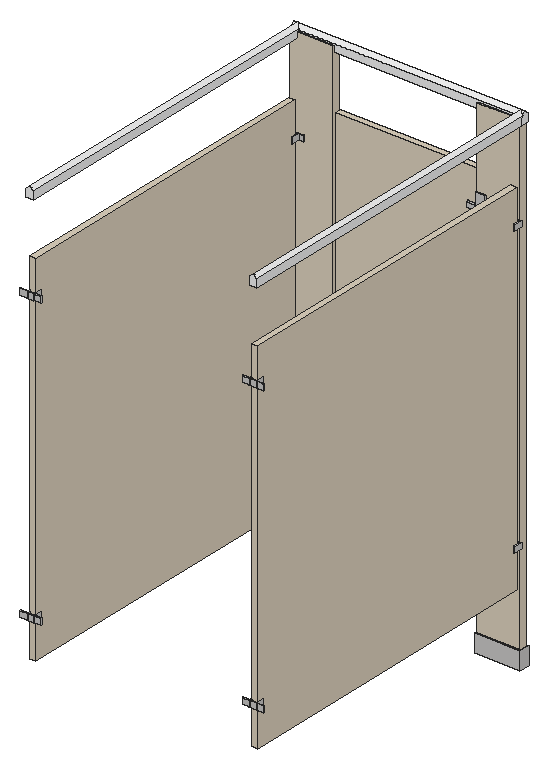
Revit family
Parameters (values of type "As Specified in 10 21 00")
  topoffset = 0' - 0 1/4"
  strkhdwr [instance] = not(or((End Panel_Strike Side), (Terminates at Wall_Strike Side)))  # no
  hngpnlconstrain [instance] = if((Terminates at Wall_Hinge Side), (Front Panel Width_Hinge Side - Reveal Clearance), (if((End Panel_Hinge Side), (Front Panel Width_Hinge Side + Panel Thickness + 0' 0 1/8"), (Front Panel Width_Hinge Side))))  # 0' - 7 1/8"
  hngpnl2 [instance] = if((Terminates at Wall_Strike Side), (Panel Thickness - Reveal Clearance - 0' 0 1/8"), (if((End Panel_Strike Side), (Panel Thickness + 0' 0 1/8"), (Panel Thickness))))  # 0' - 1 1/8"
  capoffset = 0' - 0 1/4"
  Warranty Duration (Years) = 0
  URL = "http://www.am-sanitary-partition.com/\r\n"
  Type Comments = "Toilet Partition"
  Terminates at Wall_Strike Side [instance] = no
  Terminates at Wall_Hinge Side [instance] = no
  Stile Thickness = 0' - 1 1/4"
  Stall Width = 3' - 0"
  Stall Depth [instance] = 4' - 8"
  Return Rail - Strike Side [instance] = yes
  Return Rail - Hinge Side [instance] = yes
  Pilaster Height = 6' - 10"
  Panel Thickness = 0' - 1"
  Outswing [instance] = not(Inswing)  # no
  Inswing [instance] = yes
  Headrail Material = Aluminum - Extruded - Satin Anodized Finish
  Green Building-LEED = "http://www.arcat.com/green/clients/leed_data_30440.html\r\n"
  End Panel_Strike Side [instance] = not(Terminates at Wall_Strike Side)  # yes
  Front Panel Width_Strike Side = 0' - 6"
  Specification = "http://www.arcat.com/specwizard/clients/amerisan.html?coid=30440\r\n"
  SpecWizard = "http://www.arcat.com/specwizard/10150asp/index.htm?mf=&coid=30440\r\n"
  Send Message = "http://admin.arcat.com/users.pl?action=UserEmail&company=American%20Sanitary%20Partition%20Corp.&coid=30440&rep=145&fax=407-656-8189&mf=\r\n"
  Sales Information = "http://www.am-sanitary-partition.com/\r\n"
  Revision = "R1_10/2009"
  Reveal Clearance = 0' - 0 1/2"
  Product Properties = "http://www.arcat.com/bim/bim_info.pl?fn=Toilet-Partition_AmericanSanitary_Full-Flush"
  Product Data = "http://www.arcat.com/arcatcos/cos30/arc30440.html\r\n"
  Panel Material [instance] = Phenolic Core - Color as Specified
  Model = "As Specified in 10 21 00"
  Manufacturer's Notes = ""
  Manufacturer Website = "http://www.am-sanitary-partition.com/\r\n"
  Manufacturer Phone = "407-656-0611\r\n"
  Manufacturer Fax = "407-656-8189\r\n"
  Manufacturer Address = "300 Enterprise St.; P. O. Box 99; Ocoee; FL 34761\r\n"
  Manufacturer = "American Sanitary Partition Corp.\r\n"
  Maintenance Schedule (Months) = 0
  Keynote = "10 21 00"
  Installation-Fabrication = "http://www.arcat.com/clients/amersan.pdf"
  Installation Phase = ""
  End Panel_Hinge Side [instance] = yes
  Front Panel Width_Hinge Side = Stall Width - Door Width - Front Panel Width_Strike Side  # 0' - 6"
  Hardware Finish [instance] = Stainless Steel - Type 304 #4 Brushed Finish
  Expected Lifespan (Years) = 0
  Drawn By = "Robert S. Weygant, CSI, CDT, SCIP"  # constant formula
  Door Width = 2' - 0"
  Door Thickness = 0' - 1"
  Door Height = 5' - 0"
  Distance from Floor to Panel = 1' - 0"
  Copyright = "2009, ARCAT, Inc."  # constant formula
  Description = "As Specified in 10 21 00"
  Construction Details = "http://www.arcat.com/details/amerisan/amerisan.html?coid=30440\r\n"
  Brackets_Vertical = 2
  Assembly Code = "C1010400"
Reference planes (in)
  plane 1: y = 26.56271
  plane 2 "Center (Left/Right)": x = 26.6528
  plane 3 "Left": x = 44.6528
  plane 4: x = 8.6528
  plane 5: y = 83.81271
  plane 6 "Back": y = 29.06271
  plane 7 "Right": x = 7.6528
  plane 8 "Front": y = 85.06271
  plane 9 "Bottom of panel": z = 12
  plane 10 "Top of panel": z = 72
  plane 11: x = 14.6528
  plane 12: x = 38.6528
  plane 13 "Top": z = 82
  plane 14 "Bottom Bracket": z = 18
  plane 15 "Top Bracket": z = 66
  plane 16 "Top Hinge": z = 68.75
  plane 17: y = 83.31271
  plane 18: y = 29.56271
  plane 19: z = 0
  plane 20: x = 7.5278
Forms (in)
  Extrusion 1, solid, material "Phenolic Core - Color as Specified" <- "Panel Material"
    sketch origin (0, 0, 0) x (1, 0, 0) y (0, 1, 0)
      loop
        line (7.5278, 85.06271) -> (7.5278, 83.81271) -> (14.6528, 83.81271) -> (14.6528, 85.06271) -> (7.5278, 85.06271)
    from 0 to 82
  Extrusion 2, solid, material "Stainless Steel - Type 304 #4 Brushed Finish" <- "Hardware Finish", detail levels medium+fine
    sketch origin (0, 85.06271, 0) x (-1, 0, 0) y (0, 0, 1)
      loop
        line (-13.1528, 39.97704) -> (-13.1528, 42.02296) -> (-15.6528, 42.02296) -> (-15.6528, 39.97704) -> (-13.1528, 39.97704)
    from 0 to 0.25
  Extrusion 3, solid, material "Phenolic Core - Color as Specified" <- "Panel Material"
    sketch origin (0, 0, 0) x (1, 0, 0) y (0, 1, 0)
      loop
        line (38.6528, 85.06271) -> (38.6528, 83.81271) -> (45.7778, 83.81271) -> (45.7778, 85.06271) -> (38.6528, 85.06271)
    from 0 to 82
  Extrusion 4, solid, material "Phenolic Core - Color as Specified" <- "Panel Material", visible <- "End Panel_Hinge Side"
    sketch origin (0, 0, 0) x (1, 0, 0) y (0, 1, 0)
      loop
        line (44.6528, 29.56271) -> (45.6528, 29.56271) -> (45.6528, 83.31271) -> (44.6528, 83.31271) -> (44.6528, 29.56271)
    from 12 to 72
  Extrusion 5, solid, material "Phenolic Core - Color as Specified" <- "Panel Material", visible <- "End Panel_Strike Side"
    sketch origin (0, 0, 0) x (1, 0, 0) y (0, 1, 0)
      loop
        line (7.6528, 29.56271) -> (8.6528, 29.56271) -> (8.6528, 83.31271) -> (7.6528, 83.31271) -> (7.6528, 29.56271)
    from 12 to 72
  Extrusion 6, solid, material "Stainless Steel - Type 304 #4 Brushed Finish" <- "Hardware Finish", detail levels fine
    sketch origin (0, 85.06271, 0) x (-1, 0, 0) y (0, 0, 1)
      loop
        line (-38.6528, 68.75) -> (-40.1528, 68.75) -> (-40.1528, 66) -> (-38.6528, 66) -> (-37.1528, 66) -> (-37.1528, 66.75) -> (-38.6528, 66.75) -> (-38.6528, 68.75)
    from -1.49944 to 0.25
  Extrusion 7, solid, material "Stainless Steel - Type 304 #4 Brushed Finish" <- "Hardware Finish", detail levels fine
    sketch origin (0, 85.06271, -52) x (-1, 0, 0) y (0, 0, 1)
      loop
        line (-38.6528, 66.75) -> (-40.1528, 66.75) -> (-40.1528, 64) -> (-37.1528, 64) -> (-37.1528, 64.75) -> (-38.6528, 64.75) -> (-38.6528, 66.75)
    from -1.49944 to 0.25
  Extrusion 8, solid, material "Phenolic Core - Color as Specified" <- "Panel Material"
    sketch origin (0, 85.06271, 0) x (-1, 0, 0) y (0, 0, 1)
      loop
        line (-36.9028, 12) -> (-14.9028, 12) -> (-14.9028, 72) -> (-38.4028, 72) -> (-38.4028, 66.75) -> (-36.9028, 66.75) -> (-36.9028, 65.9223) -> (-38.4028, 65.9223) -> (-38.4028, 12.75) -> (-36.9028, 12.75) -> (-36.9028, 12)
    from -1 to 0
  Extrusion 9, solid, material "Stainless Steel - Type 304 #4 Brushed Finish" <- "Hardware Finish", detail levels fine
    sketch origin (0, 85.06271, 78) x (-1, 0, 0) y (0, 0, 1)
      loop
        line (-14.9028, -78) -> (-7.2778, -78) -> (-7.2778, -75) -> (-14.9028, -75) -> (-14.9028, -78)
    from -1.49768 to 0.24505
  Extrusion 10, solid, material "Stainless Steel - Type 304 #4 Brushed Finish" <- "Hardware Finish", detail levels fine
    sketch origin (0, 85.06271, 79) x (-1, 0, 0) y (0, 0, 1)
      loop
        line (-46.0278, -79) -> (-38.4028, -79) -> (-38.4028, -76) -> (-46.0278, -76) -> (-46.0278, -79)
    from -1.49944 to 0.25923
  Extrusion 11, solid, material "Aluminum - Extruded - Satin Anodized Finish" <- "Headrail Material", detail levels fine
    sketch origin (26.6528, 0, 0) x (0, -1, 0) y (0, 0, 1)
      loop
        line (-85.31271, 81) -> (-84.06271, 81) -> (-84.06271, 82.25) -> (-84.68771, 82.875) -> (-85.31271, 82.25) -> (-85.31271, 81)
    from -19.23129 to 19.22536
  Extrusion 12, solid, material "Aluminum - Extruded - Satin Anodized Finish" <- "Headrail Material", visible <- "Return Rail - Strike Side", detail levels fine
    sketch origin (0, 85.06271, 0) x (-1, 0, 0) y (0, 0, 1)
      loop
        line (-8.67744, 81) -> (-7.42744, 81) -> (-7.42744, 82.25) -> (-8.05244, 82.875) -> (-8.67744, 82.25) -> (-8.67744, 81)
    from -56 to -0.3724
  Extrusion 13, solid, material "Aluminum - Extruded - Satin Anodized Finish" <- "Headrail Material", visible <- "Return Rail - Hinge Side", detail levels fine
    sketch origin (53.3056, 85.06271, 0) x (1, 0, 0) y (0, 0, -1)
      loop
        line (-8.67151, -81) -> (-8.67151, -82.25) -> (-8.04651, -82.875) -> (-7.42151, -82.25) -> (-7.42151, -81) -> (-8.67151, -81)
    from -56 to -0.3724
Lines and regions (in)
  symbolic lines
    curve 1: line (38.6528, 0, 72) -> (14.6528, 0, 42)
    curve 2: line (14.6528, 0, 42) -> (38.6528, 0, 12)
    curve 3: line (8.6528, 29.06271, 0) -> (7.6528, 29.06271, 0)
  symbolic lines, visible <- "Inswing"
    curve 4: line (38.6528, 83.81271, 0) -> (38.6528, 59.81271, 0)
    curve 5: line (38.6528, 59.81271, 0) -> (37.6528, 59.81271, 0)
    curve 6: line (37.6528, 59.81271, 0) -> (37.6528, 83.81271, 0)
    curve 7: line (37.6528, 83.81271, 0) -> (38.6528, 83.81271, 0)
  symbolic lines, style "Toilet Accessories-Dashed", visible <- "Inswing"
    curve 8: arc (14.6528, 83.81271, 0) -> (21.68224, 66.84214, 0) -> (38.6528, 59.81271, 0) r 24
  symbolic lines, visible <- "Outswing"
    curve 9: line (38.6528, 85.06271, 0) -> (38.6528, 109.06271, 0)
    curve 10: line (38.6528, 109.06271, 0) -> (37.6528, 109.06271, 0)
    curve 11: line (37.6528, 109.06271, 0) -> (37.6528, 85.06271, 0)
    curve 12: line (37.6528, 85.06271, 0) -> (38.6528, 85.06271, 0)
  symbolic lines, style "Toilet Accessories-Dashed", visible <- "Outswing"
    curve 13: arc (14.6528, 85.06271, 0) -> (21.68224, 102.03327, 0) -> (38.6528, 109.06271, 0) r 24
Text (in)
  text "Placement Side" at (0, 40.15149, 123.01588), in view "Right"
  text "Placement Side" at (-71.13158, 43.3951, 0), in view "Floor Line"
  text "Placement Side" at (0, 65.23256, 117.93067), in view "Left"
Dimensions and locks (in)
  "Stall Width": plane 4 to plane 3 "Left"
  "Door Height": plane 9 "Bottom of panel" to plane 10 "Top of panel"
  "Distance from Floor to Panel": host wall to plane 9 "Bottom of panel"
  equal spacing: plane 9 "Bottom of panel", curve 2, plane 10 "Top of panel"
  "Pilaster Height": level to plane 13 "Top"
  "Panel Thickness": plane 7 "Right" to plane 4
  "Panel Thickness": plane 3 "Left" to Extrusion 4 sketch curve
  locked: Extrusion 6 sketch curve to plane 12 at 1.5  (x2)
  locked: plane 9 "Bottom of panel" to Extrusion 7 sketch curve at 2.75
  locked: Extrusion 7 sketch curve to plane 12 at 1.5
  locked: plane 12 to Extrusion 7 sketch curve at 1.5
  locked: plane 12 to Extrusion 8 sketch curve at 0.25
  locked: plane 11 to Extrusion 8 sketch curve at 0.25
  locked: Extrusion 2 sketch curve to plane 11 at 1.5
  "Front Panel Width_Hinge Side": plane 12 to plane 3 "Left"
  "Door Width": plane 11 to plane 12
  locked: Extrusion 9 sketch curve to plane 11 at 0.25
  locked: Extrusion 10 sketch curve to plane 12 at 0.25
  equal spacing: plane 4, plane 2 "Center (Left/Right)", plane 3 "Left"
  locked: Extrusion 9 to plane 8 "Front" at 0.24505
  locked: Extrusion 9 to plane 5 at 0.24768
  "Door Thickness": curve 6 to plane 12
  group 1 to group 2 = 0' - 0"  (x2)
  group 1 to group 2 = 4' - 0"
  locked: plane 15 "Top Bracket" to plane 16 "Top Hinge" at 2.75
  locked: plane 15 "Top Bracket" to plane 10 "Top of panel" at 6
  locked: plane 9 "Bottom of panel" to plane 14 "Bottom Bracket" at 6
  "Reveal Clearance": plane 17 to plane 5
  "Reveal Clearance": plane 18 to plane 6 "Back"
  group 4 to group 3 = 0' - 0"
  group 3 to group 4 = 0' - 0"
  group 3 to group 4 = 4' - 0"
  Extrusion 10 to Extrusion 3 = 0' - 0.25923"
  Extrusion 10 to Extrusion 3 = 0' - 0.24944"
  locked: Extrusion 10 to Extrusion 3 at 0.25
  "Stile Thickness": plane 8 "Front" to plane 5
  "capoffset": Extrusion 3 to Extrusion 10
  "hngpnlconstrain": Extrusion 3 sketch curve to Extrusion 3 sketch curve
  "capoffset": Extrusion 9 to Extrusion 1
  group 5 to group 6 = 0' - 0"  (x2)
  group 5 to group 6 = 4' - 0"
  group 7 to group 8 = 0' - 0"
  group 8 to group 7 = 0' - 0"
  group 7 to group 8 = 4' - 0"
  group 9 to group 10 = 0' - 0"
  group 10 to group 9 = 0' - 0"
  group 9 to group 10 = 4' - 0"
  Extrusion 10 sketch curve to Extrusion 4 = 0' - 0 3/8"
  "hngpnl2": plane 20 to plane 4
  group 11 to group 12 = 0' - 0"
  group 12 to group 11 = 0' - 0"
  group 11 to group 12 = 4' - 0"
  "Stall Depth": plane 8 "Front" to plane 6 "Back"
  group 13 to group 14 = 0' - 0"  (x2)
  group 13 to group 14 = 4' - 0"
  locked: Extrusion 10 sketch curve to Extrusion 10 sketch curve at 3
  locked: Extrusion 9 sketch curve to Extrusion 9 sketch curve at 3
  Extrusion 11 sketch curve to plane 8 "Front" = 0' - 0 1/4"
  locked: plane 20 to Extrusion 11 at 0.10036
  locked: Extrusion 11 to Extrusion 3 at 0.10629
  "Door Thickness": Extrusion 8 to Extrusion 8
  locked: plane 20 to Extrusion 12 sketch curve at 0.10036
  locked: Extrusion 12 sketch curve to Extrusion 12 sketch curve at 1.25
  locked: Extrusion 13 sketch curve to Extrusion 13 sketch curve at 1.25
  locked: Extrusion 11 sketch curve to Extrusion 11 sketch curve at 1.25
  locked: plane 8 "Front" to Extrusion 12 at 0.3724
  locked: plane 8 "Front" to Extrusion 13 at 0.3724
  "Door Thickness": curve 11 to curve 9
  equal spacing: Extrusion 13 sketch curve, Extrusion 13 sketch curve, Extrusion 13 sketch curve
  "Stile Thickness": Extrusion 3 sketch curve to Extrusion 3 sketch curve
  "Stall Depth": plane 6 "Back" to Extrusion 3 sketch curve
  aligned and locked: Extrusion 1 sketch curve to plane 8 "Front"
  aligned and locked: Extrusion 1 sketch curve to plane 5
  aligned and locked: Extrusion 1 sketch curve to plane 11
  aligned and locked: plane 13 "Top" to Extrusion 1
  aligned and locked: Extrusion 2 to plane 8 "Front"
  aligned and locked: plane 12 to Extrusion 3 sketch curve
  aligned and locked: plane 3 "Left" to Extrusion 4 sketch curve
  aligned and locked: plane 9 "Bottom of panel" to Extrusion 4
  aligned and locked: Extrusion 1 to Extrusion 3
  aligned and locked: Extrusion 5 to plane 10 "Top of panel"
  aligned and locked: plane 9 "Bottom of panel" to Extrusion 5
  aligned and locked: plane 16 "Top Hinge" to Extrusion 6 sketch curve
  aligned and locked: plane 15 "Top Bracket" to Extrusion 6 sketch curve
  aligned and locked: Extrusion 6 sketch curve to plane 12
  aligned and locked: plane 9 "Bottom of panel" to Extrusion 7 sketch curve
  aligned and locked: Extrusion 7 sketch curve to plane 12
  aligned and locked: Extrusion 7 to Extrusion 8 sketch curve
  aligned and locked: plane 10 "Top of panel" to Extrusion 8 sketch curve
  aligned and locked: curve 4 to plane 12
  aligned and locked: plane 8 "Front" to Extrusion 8
  aligned and locked: plane 7 "Right" to nested 1
  aligned and locked: nested 1 to plane 5  (x4)
  aligned and locked: plane 14 "Bottom Bracket" to nested 1
  aligned and locked: plane 15 "Top Bracket" to nested 2
  aligned and locked: plane 7 "Right" to nested 2
  aligned and locked: plane 5 to nested 1
  aligned and locked: plane 17 to Extrusion 5 sketch curve
  aligned and locked: Extrusion 5 sketch curve to plane 18
  aligned and locked: plane 18 to Extrusion 4 sketch curve
  aligned and locked: plane 17 to Extrusion 4 sketch curve
  aligned and locked: nested 3 to plane 5  (x2)
  aligned and locked: nested 3 to plane 3 "Left"
  aligned and locked: nested 3 to plane 14 "Bottom Bracket"
  aligned and locked: nested 4 to plane 15 "Top Bracket"
  aligned and locked: plane 5 to nested 3
  aligned and locked: plane 3 "Left" to nested 3
  aligned and locked: Extrusion 4 to plane 10 "Top of panel"
  aligned and locked: nested 5 to plane 4  (x3)
  aligned and locked: plane 6 "Back" to nested 5
  aligned and locked: nested 6 to plane 3 "Left"
  aligned and locked: nested 6 to plane 6 "Back"  (x3)
  aligned and locked: nested 6 to plane 14 "Bottom Bracket"
  aligned and locked: plane 14 "Bottom Bracket" to nested 5
  aligned and locked: plane 6 "Back" to nested 6  (x2)
  aligned and locked: nested 7 to plane 15 "Top Bracket"
  aligned and locked: nested 7 to plane 3 "Left"
  aligned and locked: nested 5 to plane 6 "Back"  (x4)
  aligned and locked: nested 8 to plane 3 "Left"
  aligned and locked: nested 8 to plane 8 "Front"  (x3)
  aligned and locked: plane 14 "Bottom Bracket" to nested 8
  aligned and locked: plane 15 "Top Bracket" to nested 9
  aligned and locked: nested 9 to plane 3 "Left"
  aligned and locked: plane 3 "Left" to nested 8
  aligned and locked: plane 7 "Right" to nested 5  (x2)
  aligned and locked: nested 7 to plane 6 "Back"
  aligned and locked: plane 6 "Back" to nested 7
  aligned and locked: plane 15 "Top Bracket" to nested 10
  aligned and locked: nested 10 to plane 4
  aligned and locked: plane 19 to level
  aligned and locked: Extrusion 1 to plane 20
  aligned and locked: plane 8 "Front" to nested 11  (x2)
  aligned and locked: nested 11 to plane 7 "Right"
  aligned and locked: nested 11 to plane 14 "Bottom Bracket"
  aligned and locked: nested 12 to plane 15 "Top Bracket"
  aligned and locked: nested 12 to plane 7 "Right"
  aligned and locked: nested 11 to plane 8 "Front"
  aligned and locked: plane 6 "Back" to host wall
  aligned and locked: plane 5 to nested 13
  aligned and locked: nested 13 to plane 5  (x2)
  aligned and locked: plane 14 "Bottom Bracket" to nested 13  (x2)
  aligned and locked: nested 13 to plane 14 "Bottom Bracket"
  aligned and locked: plane 7 "Right" to nested 13
  aligned and locked: plane 15 "Top Bracket" to nested 14  (x2)
  aligned and locked: nested 14 to plane 15 "Top Bracket"
  aligned and locked: plane 7 "Right" to nested 14
  aligned and locked: plane 5 to nested 14
  aligned and locked: plane 19 to Extrusion 1
  aligned and locked: plane 19 to Extrusion 3
  aligned and locked: plane 19 to Extrusion 10 sketch curve
  aligned and locked: plane 19 to Extrusion 9 sketch curve
  aligned and locked: Extrusion 12 to plane 6 "Back"
  aligned and locked: Extrusion 11 to Extrusion 13 sketch curve  (x2)
  aligned and locked: Extrusion 13 to plane 6 "Back"
  aligned and locked: nested 4 to plane 5
  aligned and locked: nested 9 to plane 5
  aligned and locked: plane 5 to nested 2
  aligned and locked: plane 5 to nested 12
  aligned and locked: nested 4 to plane 3 "Left"
  aligned and locked: curve 12 to plane 8 "Front"
  aligned and locked: plane 6 "Back" to nested 10
  aligned and locked: Extrusion 6 to Extrusion 10
Automatic sketch dimensions
  curve 3 to host wall = 0' - 0"
  curve 3 to plane 7 "Right" = 0' - 0"
  curve 3 to plane 4 = 0' - 0"
  plane 11 to Extrusion 2 sketch curve = 0' - 1"
  plane 14 "Bottom Bracket" to Extrusion 2 sketch curve = 1' - 9.97704"
  Extrusion 2 sketch curve to Extrusion 2 sketch curve = 0' - 2.04593"
  Extrusion 5 sketch curve to plane 7 "Right" = 0' - 0"
  Extrusion 5 sketch curve to plane 4 = 0' - 0"
  curve 1 to plane 10 "Top of panel" = 0' - 0"
  curve 2 to plane 9 "Bottom of panel" = 0' - 0"
  curve 1 to plane 11 = 0' - 0"
  curve 2 to plane 12 = 0' - 0"
  curve 1 to plane 12 = 0' - 0"
  Extrusion 1 sketch curve to plane 20 = 0' - 0"
  Extrusion 6 sketch curve to plane 12 = 0' - 0"
  plane 15 "Top Bracket" to Extrusion 6 sketch curve = 0' - 0 3/4"
  Extrusion 7 sketch curve to plane 9 "Bottom of panel" = 0' - 0 3/4"
  Extrusion 8 sketch curve to plane 12 = 0' - 0 1/4"
  Extrusion 8 sketch curve to plane 9 "Bottom of panel" = 0' - 0 3/4"
  Extrusion 8 sketch curve to Extrusion 8 sketch curve = 0' - 1 1/2"  (x2)
  Extrusion 8 sketch curve to plane 15 "Top Bracket" = 0' - 0.0777"
  plane 15 "Top Bracket" to Extrusion 8 sketch curve = 0' - 0 3/4"
  curve 8 to plane 5 = 0' - 0"
  curve 8 to plane 11 = 0' - 0"
  curve 6 to plane 5 = 0' - 0"
  Extrusion 9 sketch curve to plane 20 = 0' - 0 1/4"
  plane 20 to Extrusion 12 sketch curve = 0' - 0.52464"
  plane 13 "Top" to Extrusion 12 sketch curve = 0' - 0 1/4"  (x2)
  Extrusion 12 sketch curve to plane 13 "Top" = 0' - 1"
  Extrusion 13 sketch curve to plane 13 "Top" = 0' - 0 1/4"  (x2)
  Extrusion 11 sketch curve to plane 8 "Front" = 0' - 0 3/8"
  Extrusion 11 sketch curve to plane 13 "Top" = 0' - 1"
  plane 13 "Top" to Extrusion 11 sketch curve = 0' - 0 1/4"  (x2)
  curve 13 to plane 8 "Front" = 0' - 0"
  curve 13 to plane 11 = 0' - 0"
  curve 12 to plane 12 = 0' - 0"
Nested families (in)
  nested 1: "Mounting Bracket" at (7.6528, 83.81271, 18), visible <- "strkhdwr", type "Common Mount"
    with panel thickness 0' - 1"
  nested 2: "Mounting Bracket" at (7.6528, 83.81271, 66), visible <- "strkhdwr", type "Common Mount"
    with panel thickness 0' - 1"
  nested 3: "Mounting Bracket" at (45.9028, 83.81271, 18) x (-1, 0, 0) z (0, 0, 1), visible <- "End Panel_Hinge Side", type "End Mount"
  nested 4: "Mounting Bracket" at (45.9028, 83.81271, 66) x (-1, 0, 0) z (0, 0, 1), visible <- "End Panel_Hinge Side", type "End Mount"
  nested 5: "Mounting Bracket" at (8.6528, 29.06271, 18) x (-1, 0, 0) z (0, 0, 1), visible <- "End Panel_Strike Side", type "Common Mount"
    with panel thickness 0' - 1"
  nested 6: "Mounting Bracket" at (44.6528, 29.06271, 18), visible <- "End Panel_Hinge Side", type "Common Mount"
    with panel thickness 0' - 1"
  nested 7: "Mounting Bracket" at (44.6528, 29.06271, 66), visible <- "End Panel_Hinge Side", type "Common Mount"
    with panel thickness 0' - 1"
  nested 8: "Mounting Bracket" at (44.6528, 85.06271, 18) x (0, -1, 0) z (0, 0, 1), visible <- "Terminates at Wall_Hinge Side", type "End Mount"
  nested 9: "Mounting Bracket" at (44.6528, 85.06271, 66) x (0, -1, 0) z (0, 0, 1), visible <- "Terminates at Wall_Hinge Side", type "End Mount"
  nested 10: "Mounting Bracket" at (8.6528, 29.06271, 66) x (-1, 0, 0) z (0, 0, 1), visible <- "End Panel_Strike Side", type "Common Mount"
    with panel thickness 0' - 1"
  nested 11: "Mounting Bracket" at (7.6528, 85.06271, 18) x (0, -1, 0) z (0, 0, 1), visible <- "Terminates at Wall_Strike Side", type "End Mount"
  nested 12: "Mounting Bracket" at (7.6528, 85.06271, 66) x (0, -1, 0) z (0, 0, 1), visible <- "Terminates at Wall_Strike Side", type "End Mount"
  nested 13: "Mounting Bracket" at (7.6528, 83.81271, 18), visible <- "End Panel_Strike Side", type "End Mount"
  nested 14: "Mounting Bracket" at (7.6528, 83.81271, 66), visible <- "End Panel_Strike Side", type "End Mount"
Definition of nested family "Mounting Bracket"
  Parameters (values of type "Common Mount")
    panel thickness = 0' - 0 1/2"
    hdwr matl = none
    Surfmnt = yes
    Hdwr Height = 0' - 1"
    Assembly Code = ""
  Types (2): name | panel thickness | Surfmnt
    Common Mount | 0' - 0 1/2" | yes
    End Mount | 0' - 1" | no
  Reference planes (in)
    plane 1 "Center (Front/Back)": y = 0
    plane 2 "bottom": z = 0
    plane 3 "Center (Left/Right)": x = 0
    plane 4: y = -1.37133
    plane 5 "top": z = 1
    plane 6: y = -0.12324
  Forms (in)
    Extrusion 1, solid, material <- "hdwr matl"
      sketch origin (0, 0, 0) x (1, 0, 0) y (0, 1, 0)
        loop
          line (0, -1.37133) -> (0, -0.125) -> (0.5, -0.125) -> (0.5, -1.37133) -> (0.625, -1.37133) -> (0.625, -0.12324) -> (2.25, -0.12324) -> (2.25, 0) -> (-0.125, 0) -> (-0.125, -1.37133) -> (0, -1.37133)
      from 0 to 1
    Extrusion 2, solid, material <- "hdwr matl", visible <- "Surfmnt"
      sketch origin (0, 0, 0) x (1, 0, 0) y (0, 1, 0)
        loop
          line (0, 0) -> (-1.25, 0) -> (-1.25, -0.125) -> (0, -0.125) -> (0, 0)
      from 0 to 1
  Dimensions and locks (in)
    "panel thickness": Extrusion 1 sketch curve to Extrusion 1 sketch curve
    locked: Extrusion 1 sketch curve to Extrusion 1 sketch curve at 0.125  (x2)
    locked: plane 4 to plane 1 "Center (Front/Back)" at 1.37133
    locked: Extrusion 1 sketch curve to Extrusion 1 sketch curve at 2.375
    locked: Extrusion 2 sketch curve to Extrusion 2 sketch curve at 0.125
    locked: Extrusion 2 sketch curve to Extrusion 2 sketch curve at 1.25
    "Hdwr Height": plane 5 "top" to plane 2 "bottom"
    locked: plane 6 to plane 1 "Center (Front/Back)" at 0.12324
    "panel thickness": Extrusion 1 to Extrusion 1
    aligned and locked: plane 3 "Center (Left/Right)" to Extrusion 1 sketch curve
    aligned and locked: Extrusion 1 sketch curve to plane 1 "Center (Front/Back)"
    aligned and locked: Extrusion 1 sketch curve to plane 4  (x2)
    aligned and locked: Extrusion 2 sketch curve to plane 1 "Center (Front/Back)"
    aligned and locked: plane 3 "Center (Left/Right)" to Extrusion 2 sketch curve
    aligned and locked: plane 5 "top" to Extrusion 1
    aligned and locked: plane 5 "top" to Extrusion 2
    aligned and locked: Extrusion 1 to plane 2 "bottom"
    aligned and locked: Extrusion 2 to plane 2 "bottom"
  Automatic sketch dimensions
    plane 1 "Center (Front/Back)" to Extrusion 1 sketch curve = 0' - 0.12324"
    plane 1 "Center (Front/Back)" to Extrusion 1 sketch curve = 0' - 0 1/8"
